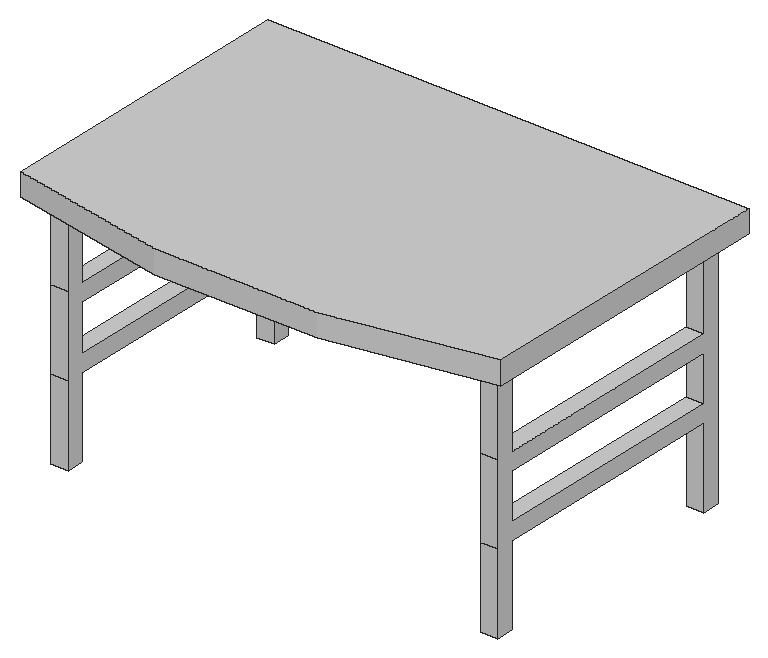
Revit family "DT22", category Specialty Equipment, Revit 2012
Parameters (values of type "Medium Display Table (Default)")
  URL = "http://madixinc.com/display/freestanding.html"
  Model = "Display Table"
  Manufacturer = "© 2012 Madix, Inc. All rights reserved."
Reference planes (in)
  plane 1 "Center (Front/Back)": y = 0
  plane 2: z = 0
  plane 3 "Center (Left/Right)": x = 0
  plane 4: x = -21
  plane 5: x = 21
  plane 6: y = 15
  plane 7: y = -15
  plane 8: y = -12
  plane 9: z = 23
  plane 10: z = 21
  plane 11: x = -19.5
  plane 12: x = 19.5
  plane 13: x = -18
  plane 14: x = 18
Forms (in)
  Extrusion 1, solid, material "Metal - Steel"
    sketch origin (0, 0, 0) x (0, 1, 0) y (0, 0, 1)
      loop
        line (13.5, 21) -> (12, 21) -> (12, 14) -> (-9, 14) -> (-9, 21) -> (-10.5, 21) -> (-10.5, 14) -> (-10.5, 7) -> (-10.5, 0) -> (-9, 0) -> (-9, 7) -> (12, 7) -> (12, 0) -> (13.5, 0) -> (13.5, 7) -> (13.5, 14) -> (13.5, 21)
      loop
        line (12, 12.5) -> (-9, 12.5) -> (-9, 12) -> (-9, 8.5) -> (12, 8.5) -> (12, 12.5)
    from -19.5 to -18
  Extrusion 2, solid, material "Metal - Steel"
    sketch origin (0, 0, 0) x (0, 1, 0) y (0, 0, -1)
      loop
        line (13.5, -21) -> (13.5, -14) -> (13.5, -7) -> (13.5, 0) -> (12, 0) -> (12, -7) -> (-9, -7) -> (-9, 0) -> (-10.5, 0) -> (-10.5, -7) -> (-10.5, -14) -> (-10.5, -21) -> (-9, -21) -> (-9, -14) -> (12, -14) -> (12, -21) -> (13.5, -21)
      loop
        line (12, -12.5) -> (12, -8.5) -> (-9, -8.5) -> (-9, -12) -> (-9, -12.5) -> (12, -12.5)
    from -19.5 to -18
  Extrusion 3, solid, material "Metal - Steel"
    sketch origin (0, 0, 0) x (1, 0, 0) y (0, 1, 0)
      loop
        line (-21, 15) -> (-21, -12)
        arc (-21, -12) -> (0, -15) -> (21, -12) r 75
        line (21, -12) -> (21, 15) -> (-21, 15)
    from 21 to 23
Dimensions and locks (in)
  Extrusion 3 to Extrusion 3 = 3' - 6"
  Extrusion 3 to plane 7 = 2' - 6"
  Extrusion 3 to level = 1' - 11"
  aligned and locked: level to plane 2
